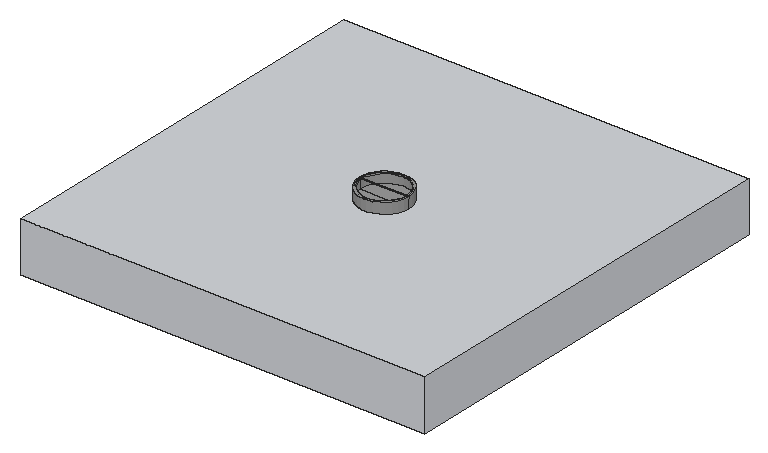
Revit family "LAMP_MUN LIGHT 300 DOWNLIGHT", category Modelos genéricos, Revit 2015
Parameters (values of type "761LM 3000 WHITE")
  Weight = 2.90 kg
  Type = "LOW POWER OSRAM"
  Protection rating = "IP20 / IK08"
  Product datasheet = "http://www.lamp.es/product-files/TECH/ML1300SF10830NW-EN.pdf"
  Product code = "ML1300SF10830NW"
  Product URL = "https://www.lamp.es/en/family/mun-light_33332"
  Power Supply = "220-240V 50-60Hz"
  Power = 8 W
  Plum = 9.3 W
  Photometric web file = Cuerpo Mun light 300 : 761LM 3000 WHITE
  Modelo = Product code  # "ML1300SF10830NW"
  Manufacturer name = "LAMP"
  Manufacturer country = "Spain"
  Manufacturer URL = "http://www.lamp.es/en"
  MacAdam = "<3"
  Luminaire type = "Indoor - Downlight"
  Last update = "11/11/2020"
  Lamp = "HIGH POWER LED"
  LED Lifetime = "50.000 L80 B10"
  Insulation class = "I"
  Installation instructions = "https://www.lamp.es/product-files/INS/1004130-C-MUN%20LIGHT.pdf"
  Initial intensity = 761 lm
  Initial color = 3000 K
  IEE = "A+"
  Height = 64 mm
  Gear = "Electronic"
  Finish = "Texturised matte white"
  Fabricante = Manufacturer name  # "LAMP"
  Default Elevation = 1219.2 mm
  Efficacy = 81.8 lm/W
  Diameter = 300 mm
  Descripción = "MUN LIGHT SUR Ø300 1000 WW WH."
  CRI = "80"
Types (8, lengths in mm): name | Type | Product datasheet | Product code | Power | Plum | Modelo | Lamp | Initial intensity | Initial color | Finish | Efficacy | Descripción
  716LM 4000 GRAPHITE | "LOW POWER OSRAM" | "http://www.lamp.es/product-files/TECH/ML1300SF10840NB-EN.pdf" | "ML1300SF10840NB" | 8 W | 9.3 W | "ML1300SF10840NB" | "HIGH POWER LED" | 716 lm | 4000 K | "Texturised matte graphite" | 77 lm/W | "MUN LIGHT SUR Ø300 1000 NW GRH."
  716LM 3000 GRAPHITE | "LOW POWER OSRAM" | "http://www.lamp.es/product-files/TECH/ML1300SF10830NB-EN.pdf" | "ML1300SF10830NB" | 8 W | 9.3 W | "ML1300SF10830NB" | "HIGH POWER LED" | 716 lm | 3000 K | "Texturised matte graphite" | 77 lm/W | "MUN LIGHT SUR Ø300 1000 WW GRH."
  761LM 4000 WHITE | "LOW POWER OSRAM" | "http://www.lamp.es/product-files/TECH/ML1300SF10840NW-EN.pdf" | "ML1300SF10840NW" | 8 W | 9.3 W | "ML1300SF10840NW" | "HIGH POWER LED" | 761 lm | 4000 K | "Texturised matte white" | 81.8 lm/W | "MUN LIGHT SUR Ø300 1000 NW WH."
  761LM 3000 WHITE | "LOW POWER OSRAM" | "http://www.lamp.es/product-files/TECH/ML1300SF10830NW-EN.pdf" | "ML1300SF10830NW" | 8 W | 9.3 W | "ML1300SF10830NW" | "HIGH POWER LED" | 761 lm | 3000 K | "Texturised matte white" | 81.8 lm/W | "MUN LIGHT SUR Ø300 1000 WW WH."
  1492LM 4000 GRAPHITE | "MID POWER OSRAM" | "http://www.lamp.es/product-files/TECH/ML1300SF30840NB-EN.pdf" | "ML1300SF30840NB" | 22 W | 26.2 W | "ML1300SF30840NB" | "MID-POWER LED" | 1492 lm | 4000 K | "Texturised matte graphite" | 56.9 lm/W | "MUN LIGHT SUR Ø300 3000 NW GRH."
  1492LM 3000 GRAPHITE | "MID POWER OSRAM" | "http://www.lamp.es/product-files/TECH/ML1300SF30830NB-EN.pdf" | "ML1300SF30830NB" | 22 W | 26.2 W | "ML1300SF30830NB" | "MID-POWER LED" | 1492 lm | 3000 K | "Texturised matte graphite" | 56.9 lm/W | "MUN LIGHT SUR Ø300 3000 WW GRH."
  1613LM 4000 WHITE | "MID POWER OSRAM" | "http://www.lamp.es/product-files/TECH/ML1300SF30840NW-EN.pdf" | "ML1300SF30840NW" | 22 W | 26.2 W | "ML1300SF30840NW" | "MID-POWER LED" | 1613 lm | 4000 K | "Texturised matte white" | 61.6 lm/W | "MUN LIGHT SUR Ø300 3000 NW WH."
  1613LM 3000 WHITE | "MID POWER OSRAM" | "http://www.lamp.es/product-files/TECH/ML1300SF30830NW-EN.pdf" | "ML1300SF30830NW" | 22 W | 26.2 W | "ML1300SF30830NW" | "MID-POWER LED" | 1613 lm | 3000 K | "Texturised matte white" | 61.6 lm/W | "MUN LIGHT SUR Ø300 3000 WW WH."
Reference planes
  plane 1 "Centro (Frontal/Posterior)": y = 0
  plane 2: z = 0
  plane 3 "Centro (Izquierda/Derecha)": x = 0
Forms (mm)
  Extrusion 1, solid
    sketch origin (0, 0, 0) x (1, 0, 0) y (0, 1, 0)
      loop
        line (-1219.2, 1219.2) -> (-1219.2, -1219.2) -> (1219.2, -1219.2) -> (1219.2, 1219.2) -> (-1219.2, 1219.2)
    from 0 to -304.8
Text (mm)
  text "Any modification of the parameters and properties of the LAMP BIM models must be executed and validated by the LAMP technical department.\n\nPhone: +34 93 736 68 00\n\nE-mail: lamp@lamp.es\n\n\n\nLAMP reserves the right to modify the technical specifications of its products." at (-15490.076, 14679.092, -15731.797), in view "Preview"
Dimensions and locks
  aligned and locked: plane 2 to Extrusion 1
  aligned and locked: level to Extrusion 1
Nested families
  nested 1: "Cuerpo Mun light 300" at (0, 0, 1564) x (1, 0, 0) z (0, 0, -1), type <- "Photometric web file", type "761LM 3000 WHITE"
Connectors
  electrical at (0, 0, 0)
    settings: on nested 1, index 1, voltage 230 V, apparent load 0 VA, apparent load phase1 0 VA, apparent load phase2 0 VA, apparent load phase3 0 VA, power factor 1, load classification "Otro", number of poles 1, system type 31, power factor state 1, is connector primary yes, connector utility no, sub classification motor no, connector description ""
Definition of nested family "Cuerpo Mun light 300"
  Parameters (values of type "716LM 3000 GRAPHITE")
    Tilt Angle = 90.00°
    Wattage = 9.3 W
    built-in parameter 1150110 = 1 (stored number, unit not read)
    Material difusor = none
    Material cuerpo = none
    built-in parameter 1114217 = 1 (stored number, unit not read)
    built-in parameter 1150109 = 1 (stored number, unit not read)
    Default Elevation = 1219.2 mm
    Diametro interior 2 = 134.5 mm
    Diametro interior 1 = 148.5 mm
    Diametro difusor = 141 mm
    built-in parameter 1150134 = (empty or 0)
    built-in parameter 1150113 = 1 (stored number, unit not read)
    Lumens = 716.1 lm
    built-in parameter 1150115 = 1 (stored number, unit not read)
    built-in parameter 1150105 = 244.98 (stored number, unit not read)
    built-in parameter 1150137 = (empty or 0)
    built-in parameter 1150139 = (empty or 0)
    built-in parameter 1150112 = 1 (stored number, unit not read)
    built-in parameter 1150114 = 1 (stored number, unit not read)
    built-in parameter 1150132 = 2
    built-in parameter 1150102 = (empty or 0)
    built-in parameter 1150138 = (empty or 0)
    built-in parameter 1150107 = 3000 (stored number, unit not read)
    built-in parameter 1150106 = 2.4498 (stored number, unit not read)
    built-in parameter 1150104 = 7.1535 (stored number, unit not read)
    Dimming Lamp Color Temperature Shift = (empty or 0)
    Color Filter = 16777215
    built-in parameter 1114218 = 1 (stored number, unit not read)
    Photometric Web File = "10541022.IES"
    built-in parameter 1150133 = 10 (stored number, unit not read)
  Types (4, lengths in mm): name | built-in parameter 1150134 | Lumens | built-in parameter 1150105 | built-in parameter 1150107 | built-in parameter 1150106 | built-in parameter 1150104 | Photometric Web File
    716LM 4000 GRAPHITE | 12 | 716.1 lm | 244.98 (stored number, unit not read) | 4000 (stored number, unit not read) | 2.4498 (stored number, unit not read) | 7.1535 (stored number, unit not read) | "10540022.IES"
    716LM 3000 GRAPHITE | (empty or 0) | 716.1 lm | 244.98 (stored number, unit not read) | 3000 (stored number, unit not read) | 2.4498 (stored number, unit not read) | 7.1535 (stored number, unit not read) | "10541022.IES"
    761LM 4000 WHITE | 12 | 760.74 lm | 260.2 (stored number, unit not read) | 4000 (stored number, unit not read) | 2.602 (stored number, unit not read) | 7.5995 (stored number, unit not read) | "10540020.IES"
    761LM 3000 WHITE | (empty or 0) | 760.74 lm | 260.2 (stored number, unit not read) | 3000 (stored number, unit not read) | 2.602 (stored number, unit not read) | 7.5995 (stored number, unit not read) | "10541020.IES"
  Reference planes
    plane 1 "Eje de origen de luz (F/P)": y = 0
    plane 2: z = 0
    plane 3 "Eje de origen de luz (I/D)": x = 0
    plane 4 "Elevación de origen de luz": z = 1500
  Forms (mm)
    Revolve 1, solid, material <- "Material cuerpo"
      sketch origin (0, 0, 0) x (1, 0, 0) y (0, 0, 1)
        loop
          line (134.5, 1500) -> (150, 1500) -> (150, 1564) -> (0, 1564) -> (0, 1562.5) -> (148.5, 1562.5) -> (148.5, 1501.5) -> (134.5, 1501.5) -> (134.5, 1500)
        axis (0, 1564) -> (0, 1500)
      angle from 0 to 360
    Revolve 2, solid, material <- "Material difusor"
      sketch origin (0, 0, 0) x (1, 0, 0) y (0, 0, 1)
        loop
          line (0, 1501.5) -> (141, 1501.5) -> (141, 1504.5) -> (0, 1504.5) -> (0, 1501.5)
        axis (0, 1504.5) -> (0, 1501.5)
      angle from 0 to 360
    Extrusion 3, solid, material <- "Material cuerpo"
      sketch origin (0, 288.438, 0) x (-1, 0, 0) y (0, -1, 0)
        loop
          line (-8.572, 148.16) -> (-8.572, 141.872)
          arc (-8.572, 141.872) -> (-8.222, 141.522) -> (-7.872, 141.872) r 0.35
          line (-7.872, 141.872) -> (-7.872, 147.667) -> (-6.665, 147.667) -> (-4.718, 142.006)
          arc (-4.718, 142.006) -> (-4.092, 141.559) -> (-3.465, 142.006) r 0.663
          line (-3.465, 142.006) -> (-1.68, 147.197)
          arc (-1.68, 147.197) -> (-1.234, 147.463) -> (-0.899, 147.067) r 0.401
          line (-0.899, 147.067) -> (-0.899, 142.203)
          arc (-0.899, 142.203) -> (-0.391, 141.498) -> (0.439, 141.755) r 0.744
          line (0.439, 141.755) -> (1.555, 142.871) -> (2.672, 141.755)
          arc (2.672, 141.755) -> (3.502, 141.498) -> (4.009, 142.203) r 0.744
          line (4.009, 142.203) -> (4.009, 147.429) -> (5.378, 147.429) -> (5.378, 141.559) -> (8.876, 141.559) -> (8.876, 144.707) -> (6.509, 144.707)
          arc (6.509, 144.707) -> (6.159, 144.358) -> (6.509, 144.008) r 0.35
          line (6.509, 144.008) -> (8.176, 144.008) -> (8.176, 142.259) -> (6.077, 142.259) -> (6.077, 148.16) -> (3.298, 148.16) -> (3.298, 142.303) -> (1.555, 144.045) -> (-0.187, 142.303) -> (-0.187, 148.115) -> (-2.104, 148.115) -> (-4.092, 142.338) -> (-6.095, 148.16) -> (-8.572, 148.16)
      from 1499 to 1500
  Dimensions and locks
    "Diametro interior 2": Revolve 1 sketch curve to plane 3 "Eje de origen de luz (I/D)"
    locked: Revolve 1 sketch curve to Revolve 1 sketch curve at 1.5
    "Diametro interior 1": Revolve 1 sketch curve to plane 3 "Eje de origen de luz (I/D)"
    "Diametro difusor": Revolve 2 sketch curve to plane 3 "Eje de origen de luz (I/D)"
    aligned and locked: plane 3 "Eje de origen de luz (I/D)" to imposter light
    aligned and locked: plane 1 "Eje de origen de luz (F/P)" to imposter light
    aligned and locked: plane 4 "Elevación de origen de luz" to imposter light
    aligned and locked: level to plane 2
  Automatic sketch dimensions
    Extrusion 3 sketch curve to plane 3 "Eje de origen de luz (I/D)" = 8.572 mm
    Extrusion 3 sketch curve to Extrusion 3 sketch curve = 0.35 mm  (x2)
    Extrusion 3 sketch curve to Extrusion 3 sketch curve = 1.207 mm
    Extrusion 3 sketch curve to Extrusion 3 sketch curve = 0.57 mm
    Extrusion 3 sketch curve to Extrusion 3 sketch curve = 3.154 mm
    Extrusion 3 sketch curve to Extrusion 3 sketch curve = 0.627 mm  (x2)
    Extrusion 3 sketch curve to Extrusion 3 sketch curve = 0 mm  (x3)
    Extrusion 3 sketch curve to plane 3 "Eje de origen de luz (I/D)" = 2.104 mm
    Extrusion 3 sketch curve to Extrusion 3 sketch curve = 0.424 mm
    Extrusion 3 sketch curve to Extrusion 3 sketch curve = 0.38 mm
    Extrusion 3 sketch curve to Extrusion 3 sketch curve = 0.401 mm
    Extrusion 3 sketch curve to plane 3 "Eje de origen de luz (I/D)" = 0.187 mm
    Extrusion 3 sketch curve to Extrusion 3 sketch curve = 0.032 mm
    plane 3 "Eje de origen de luz (I/D)" to Extrusion 3 sketch curve = 0.439 mm
    plane 3 "Eje de origen de luz (I/D)" to Extrusion 3 sketch curve = 1.555 mm
    Extrusion 3 sketch curve to Extrusion 3 sketch curve = 1.116 mm
    Extrusion 3 sketch curve to Extrusion 3 sketch curve = 0.594 mm
    plane 3 "Eje de origen de luz (I/D)" to Extrusion 3 sketch curve = 3.298 mm
    Extrusion 3 sketch curve to Extrusion 3 sketch curve = 0.712 mm
    Extrusion 3 sketch curve to Extrusion 3 sketch curve = 1.368 mm
    Extrusion 3 sketch curve to Extrusion 3 sketch curve = 0.7 mm  (x3)
    Extrusion 3 sketch curve to Extrusion 3 sketch curve = 0.432 mm
    Extrusion 3 sketch curve to Extrusion 3 sketch curve = 1.667 mm
    plane 1 "Eje de origen de luz (F/P)" to Extrusion 3 sketch curve = 140.278 mm
    Extrusion 3 sketch curve to Extrusion 3 sketch curve = 0.044 mm
    Extrusion 3 sketch curve to Extrusion 3 sketch curve = 0.493 mm
    Extrusion 3 sketch curve to Extrusion 3 sketch curve = 0.731 mm
    Extrusion 3 sketch curve to Extrusion 3 sketch curve = 0.918 mm
    Extrusion 3 sketch curve to Extrusion 3 sketch curve = 2.722 mm
    Extrusion 3 sketch curve to Extrusion 3 sketch curve = 3.021 mm
    Extrusion 3 sketch curve to Extrusion 3 sketch curve = 1.174 mm
    Extrusion 3 sketch curve to Extrusion 3 sketch curve = 4.859 mm
    Extrusion 3 sketch curve to Extrusion 3 sketch curve = 0.568 mm
    Extrusion 3 sketch curve to Extrusion 3 sketch curve = 1.749 mm
    Extrusion 3 sketch curve to Extrusion 3 sketch curve = 0.117 mm
    Extrusion 3 sketch curve to Extrusion 3 sketch curve = 0.1 mm
    Extrusion 3 sketch curve to Extrusion 3 sketch curve = 0.215 mm
    Extrusion 3 sketch curve to Extrusion 3 sketch curve = 0.134 mm
    Revolve 1 sketch curve to plane 3 "Eje de origen de luz (I/D)" = 0 mm  (x2)
    Revolve 1 sketch curve to plane 4 "Elevación de origen de luz" = 0 mm
    Revolve 1 sketch curve to plane 4 "Elevación de origen de luz" = 1.5 mm
    Revolve 1 sketch curve to Revolve 1 sketch curve = 61 mm
    Revolve 1 sketch curve to Revolve 1 sketch curve = 1.5 mm
    Revolve 1 sketch curve to level = 271.696 mm
    Revolve 1 sketch curve to Revolve 1 sketch curve = 138.626 mm
    Revolve 2 sketch curve to plane 3 "Eje de origen de luz (I/D)" = 0 mm  (x2)
    Revolve 2 sketch curve to plane 4 "Elevación de origen de luz" = 1.5 mm
    Revolve 2 sketch curve to Revolve 2 sketch curve = 3 mm
    Revolve 2 sketch curve to level = 271.696 mm
    Revolve 2 sketch curve to Revolve 2 sketch curve = 198.126 mm
